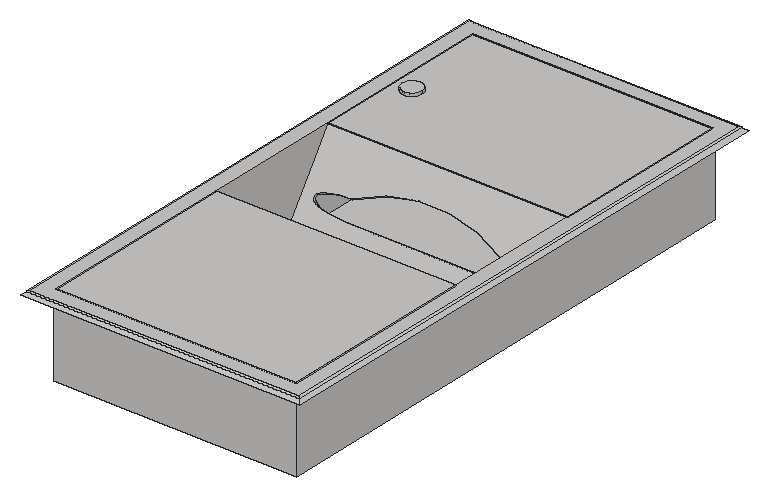
Revit family "RBA BIM - B369", category Specialty Equipment, host Face, Revit 2013
Parameters (values of type "B-369")
  URL = "www.rba.com.au"
  Type Comments = "Satin Finish"
  Product Page URL = ""
  Product Name = "Recessed Paper Towel Dispenser And Waste Receptacle"
  Model = "B-369 ClassicSeries"
  Manufacturer = "RBA Group"
  Finish Material = Stainless Steel - Bobrick - Satin
  Default Elevation = 1.2192 m
  Assembly Code = "C1030200"
  ADA Compliant = yes
Reference planes (m)
  plane 1 "Center (Front/Back)": y = 0
  plane 2: z = 0
  plane 3 "Center (Left/Right)": x = 0
  plane 4 "Top": y = 0.3556
  plane 5 "Bottom": y = -0.3556
  plane 6 "Left": x = -0.1778
  plane 7 "Right": x = 0.1778
  plane 8: x = 0.1524
  plane 9: x = -0.1524
  plane 10: y = -0.3302
  plane 11: y = 0.3302
  plane 12: y = -0.0762
  plane 13: y = 0.100012
  plane 14: x = -0.128587
  plane 15: y = 0.204787
  plane 16: z = -0.100013
  plane 17: z = -0.098425
  plane 18: z = 0.004762
  plane 19: y = 0.030162
  plane 20: z = 0.007937
  plane 21 "Elevation": y = 0.061912
Forms (m)
  Extrusion 1, void
    sketch origin (0, 0, 0) x (1, 0, 0) y (0, 1, 0)
      loop
        line (-0.1524, 0.3302) -> (-0.1524, -0.3302) -> (0.1524, -0.3302) -> (0.1524, 0.3302) -> (-0.1524, 0.3302)
    from -0.100012 to 0
  Extrusion 2, solid, material "Stainless Steel - Bobrick - Satin" <- "Finish Material"
    sketch origin (0, 0, 0) x (1, 0, 0) y (0, 1, 0)
      loop
        line (-0.1524, 0.3302) -> (-0.1524, -0.3302) -> (0.1524, -0.3302) -> (0.1524, 0.3302) -> (-0.1524, 0.3302)
    from -0.100012 to -0.098425
  Extrusion 3, solid, material "Stainless Steel - Bobrick - Satin" <- "Finish Material"
    sketch origin (0, 0, 0) x (1, 0, 0) y (0, 1, 0)
      loop
        line (-0.1524, 0.3302) -> (-0.1524, -0.3302) -> (0.1524, -0.3302) -> (0.1524, 0.3302) -> (-0.1524, 0.3302)
      loop
        line (-0.153987, 0.331787) -> (-0.153987, -0.331788) -> (0.153988, -0.331788) -> (0.153988, 0.331787) -> (-0.153987, 0.331787)
    from -0.100012 to 0
  Sweep 4, solid, material "Stainless Steel - Bobrick - Satin" <- "Finish Material"
    path origin (0, 0, 0) x (1, 0, 0) y (0, 1, 0)
      loop
        line (-0.1524, 0.3302) -> (-0.1524, -0.3302) -> (0.1524, -0.3302) -> (0.1524, 0.3302) -> (-0.1524, 0.3302)
    profile origin (0, 0.3302, 0) x (0, 1, 0) y (0, 0, 1)
      loop
        line (0, 0) -> (0.0254, 0) -> (0.021016, 0.003947)
        arc (0.021016, 0.003947) -> (0.02003, 0.004552) -> (0.018892, 0.004762) r 0.003175
        line (0.018892, 0.004762) -> (0, 0.004762) -> (0, 0)
  Extrusion 5, solid, material "Stainless Steel - Bobrick - Satin" <- "Finish Material"
    sketch origin (0, 0, 0) x (1, 0, 0) y (0, 1, 0)
      loop
        line (-0.1524, 0.3302) -> (-0.1524, 0.100012) -> (0.1524, 0.100012) -> (0.1524, 0.3302) -> (-0.1524, 0.3302)
    from 0 to 0.004762
  Extrusion 6, solid, material "Stainless Steel - Bobrick - Satin" <- "Finish Material"
    sketch origin (0, 0, 0) x (0, 1, 0) y (0, 0, 1)
      loop
        line (0.100012, 0.004762) -> (0.030162, -0.098425) -> (0.033386, -0.098425) -> (0.100012, 0) -> (0.100012, 0.004762)
    from -0.1524 to 0.1524
  Extrusion 7, solid, material "Stainless Steel - Bobrick - Satin" <- "Finish Material"
    sketch origin (0, 0, 0) x (1, 0, 0) y (0, 1, 0)
      loop
        line (-0.1524, -0.0762) -> (-0.1524, -0.3302) -> (0.1524, -0.3302) -> (0.1524, -0.0762) -> (-0.1524, -0.0762)
    from 0 to 0.004762
  Extrusion 8, solid, material "Stainless Steel - Bobrick - Satin" <- "Finish Material", detail levels fine
    sketch origin (0, 0, 0) x (1, 0, 0) y (0, 1, 0)
      loop
        circle (-0.128587, 0.204787) r 0.0127
    from 0.004762 to 0.007937
  Extrusion 9, void
    sketch origin (0, 0.100012, 0.004762) x (0, 0.560566, 0.828109) y (1, 0, 0)
      loop
        spline (-0.085212, -0.093662) -> (-0.084806, -0.104756) -> (-0.083617, -0.115094) -> (-0.081725, -0.123971) -> (-0.079259, -0.130783) -> (-0.076387, -0.135064) -> (-0.073306, -0.136525) -> (-0.070224, -0.135064) -> (-0.067353, -0.130783) -> (-0.064887, -0.123971) -> (-0.062995, -0.115094) -> (-0.061805, -0.104756) -> (-0.061399, -0.093662)
        arc (-0.061399, -0.093662) -> (-0.037587, 0) -> (-0.061399, 0.093662) r 0.196109
        spline (-0.061399, 0.093662) -> (-0.061805, 0.104756) -> (-0.062995, 0.115094) -> (-0.064887, 0.123971) -> (-0.067353, 0.130783) -> (-0.070224, 0.135064) -> (-0.073306, 0.136525) -> (-0.076387, 0.135064) -> (-0.079259, 0.130783) -> (-0.081725, 0.123971) -> (-0.083617, 0.115094) -> (-0.084806, 0.104756) -> (-0.085212, 0.093662)
        line (-0.085212, 0.093662) -> (-0.085212, -0.093662)
    from 0 to 0.00267
Cuts and joins
  Extrusion 9 cuts Extrusion 2
  Extrusion 9 cuts Extrusion 3
  Extrusion 9 cuts Sweep 4
  Extrusion 9 cuts Extrusion 6
  joined: Extrusion 2, Extrusion 3, Sweep 4, Extrusion 6
Lines and regions (m)
  Masking region 1
    outline origin (0, 0, 0.007937) x (1, 0, 0) y (0, 1, 0)
      loop
        line (-0.1778, 0.3556) -> (-0.1778, -0.3556) -> (0.1778, -0.3556) -> (0.1778, 0.3556) -> (-0.1778, 0.3556)
  Masking region 2
    outline origin (0, 0, 0) x (1, 0, 0) y (0, 0, 1)
      loop
        line (-0.173416, 0.003947) -> (-0.1778, 0) -> (0.1778, 0) -> (0.173416, 0.003947)
        arc (0.173416, 0.003947) -> (0.17243, 0.004552) -> (0.171292, 0.004762) r 0.003175
        line (0.171292, 0.004762) -> (-0.171292, 0.004762)
        arc (-0.171292, 0.004762) -> (-0.17243, 0.004552) -> (-0.173416, 0.003947) r 0.003175
  Masking region 3, detail levels fine
    outline origin (0, 0, 0) x (1, 0, 0) y (0, 0, 1)
      loop
        line (-0.141287, 0.007937) -> (-0.141287, 0.004762) -> (-0.115887, 0.004762) -> (-0.115887, 0.007937) -> (-0.141287, 0.007937)
  Masking region 4
    outline origin (0, 0, 0) x (0, 1, 0) y (0, 0, 1)
      loop
        line (0.3556, 0) -> (0.351216, 0.003947)
        arc (0.351216, 0.003947) -> (0.35023, 0.004552) -> (0.349092, 0.004762) r 0.003175
        line (0.349092, 0.004762) -> (-0.349092, 0.004762)
        arc (-0.349092, 0.004762) -> (-0.35023, 0.004552) -> (-0.351216, 0.003947) r 0.003175
        line (-0.351216, 0.003947) -> (-0.3556, 0) -> (0.3556, 0)
  Masking region 5, detail levels fine
    outline origin (0, 0, 0) x (0, 1, 0) y (0, 0, 1)
      loop
        line (0.217487, 0.007937) -> (0.192087, 0.007937) -> (0.192087, 0.004762) -> (0.217487, 0.004762) -> (0.217487, 0.007937)
  model lines, style "Restroom Accessories", detail levels fine
    curve 1: spline (-0.128587, 0.198437, 0.007937) -> (-0.128181, 0.198654, 0.007937) -> (-0.127803, 0.199288, 0.007937) -> (-0.127478, 0.200297, 0.007937) -> (-0.127228, 0.201612, 0.007937) -> (-0.127071, 0.203144, 0.007937) -> (-0.127018, 0.204787, 0.007937) -> (-0.127071, 0.206431, 0.007937) -> (-0.127228, 0.207962, 0.007937) -> (-0.127478, 0.209278, 0.007937) -> (-0.127803, 0.210287, 0.007937) -> (-0.128181, 0.210921, 0.007937) -> (-0.128587, 0.211137, 0.007937) -> (-0.128994, 0.210921, 0.007937) -> (-0.129372, 0.210287, 0.007937) -> (-0.129697, 0.209278, 0.007937) -> (-0.129947, 0.207962, 0.007937) -> (-0.130104, 0.206431, 0.007937) -> (-0.130157, 0.204787, 0.007937) -> (-0.130104, 0.203144, 0.007937) -> (-0.129947, 0.201612, 0.007937) -> (-0.129697, 0.200297, 0.007937) -> (-0.129372, 0.199288, 0.007937) -> (-0.128994, 0.198654, 0.007937) -> (-0.128587, 0.198437, 0.007937)
  symbolic lines, style "Restroom Accessories"
    curve 2: line (-0.1524, 0.3302, 0.007937) -> (0.1524, 0.3302, 0.007937)
    curve 3: line (-0.1524, -0.3302, 0.007937) -> (-0.1524, 0.3302, 0.007937)
    curve 4: line (0.1524, 0.100012, 0.007937) -> (-0.1524, 0.100012, 0.007937)
    curve 5: line (0.1524, 0.3302, 0.007937) -> (0.1524, -0.3302, 0.007937)
    curve 6: line (-0.1524, -0.3302, 0.007937) -> (0.1524, -0.3302, 0.007937)
    curve 7: line (-0.1524, -0.0762, 0.007937) -> (0.1524, -0.0762, 0.007937)
  symbolic lines, style "Restroom Accessories", detail levels medium+fine
    curve 8: line (-0.1524, 0.030162, 0.007937) -> (0.1524, 0.030162, 0.007937)
  symbolic lines, style "Restroom Accessories", detail levels fine
    curve 9: spline (-0.093662, 0.065594, 0.007937) -> (-0.079058, 0.069614, 0.007937) -> (-0.06391, 0.072941, 0.007937) -> (-0.048321, 0.075553, 0.007937) -> (-0.0324, 0.077432, 0.007937) -> (-0.016256, 0.078564, 0.007937) -> (0, 0.078943, 0.007937) -> (0.016256, 0.078564, 0.007937) -> (0.0324, 0.077432, 0.007937) -> (0.048321, 0.075553, 0.007937) -> (0.06391, 0.072941, 0.007937) -> (0.079058, 0.069614, 0.007937) -> (0.093663, 0.065594, 0.007937)
    curve 10: spline (0.093663, 0.065594, 0.007937) -> (0.104756, 0.065367, 0.007937) -> (0.115094, 0.0647, 0.007937) -> (0.123971, 0.063639, 0.007937) -> (0.130783, 0.062257, 0.007937) -> (0.135064, 0.060647, 0.007937) -> (0.136525, 0.05892, 0.007937) -> (0.135064, 0.057192, 0.007937) -> (0.130783, 0.055583, 0.007937) -> (0.123971, 0.0542, 0.007937) -> (0.115094, 0.05314, 0.007937) -> (0.104756, 0.052473, 0.007937) -> (0.093663, 0.052246, 0.007937)
    curve 11: line (0.093663, 0.052246, 0.007937) -> (-0.093662, 0.052246, 0.007937)
    curve 12: spline (-0.093662, 0.052246, 0.007937) -> (-0.104756, 0.052473, 0.007937) -> (-0.115094, 0.05314, 0.007937) -> (-0.123971, 0.0542, 0.007937) -> (-0.130783, 0.055583, 0.007937) -> (-0.135064, 0.057192, 0.007937) -> (-0.136525, 0.05892, 0.007937) -> (-0.135064, 0.060647, 0.007937) -> (-0.130783, 0.062257, 0.007937) -> (-0.123971, 0.063639, 0.007937) -> (-0.115094, 0.0647, 0.007937) -> (-0.104756, 0.065367, 0.007937) -> (-0.093662, 0.065594, 0.007937)
    curve 13: arc (-0.115887, 0.204787, 0.007937) -> (-0.128587, 0.217487, 0.007937) -> (-0.141287, 0.204787, 0.007937) r 0.0127
    curve 14: arc (-0.141287, 0.204787, 0.007937) -> (-0.128587, 0.192087, 0.007937) -> (-0.115887, 0.204787, 0.007937) r 0.0127
    curve 15: spline (-0.128587, 0.198437, 0.007937) -> (-0.128181, 0.198654, 0.007937) -> (-0.127803, 0.199288, 0.007937) -> (-0.127478, 0.200297, 0.007937) -> (-0.127228, 0.201612, 0.007937) -> (-0.127071, 0.203144, 0.007937) -> (-0.127018, 0.204787, 0.007937) -> (-0.127071, 0.206431, 0.007937) -> (-0.127228, 0.207962, 0.007937) -> (-0.127478, 0.209278, 0.007937) -> (-0.127803, 0.210287, 0.007937) -> (-0.128181, 0.210921, 0.007937) -> (-0.128587, 0.211137, 0.007937) -> (-0.128994, 0.210921, 0.007937) -> (-0.129372, 0.210287, 0.007937) -> (-0.129697, 0.209278, 0.007937) -> (-0.129947, 0.207962, 0.007937) -> (-0.130104, 0.206431, 0.007937) -> (-0.130157, 0.204787, 0.007937) -> (-0.130104, 0.203144, 0.007937) -> (-0.129947, 0.201612, 0.007937) -> (-0.129697, 0.200297, 0.007937) -> (-0.129372, 0.199288, 0.007937) -> (-0.128994, 0.198654, 0.007937) -> (-0.128587, 0.198437, 0.007937)
Dimensions and locks (m)
  equal spacing: plane 6 "Left", plane 3 "Center (Left/Right)", plane 7 "Right"
  locked: plane 6 "Left" to plane 7 "Right" at 0.3556
  equal spacing: plane 4 "Top", plane 1 "Center (Front/Back)", plane 5 "Bottom"
  locked: plane 4 "Top" to plane 5 "Bottom" at 0.7112
  locked: plane 8 to plane 7 "Right" at 0.0254
  locked: plane 6 "Left" to plane 9 at 0.0254
  plane 9 to plane 8 = 0.3048 m
  locked: plane 5 "Bottom" to plane 10 at 0.0254
  locked: plane 11 to plane 4 "Top" at 0.0254
  locked: plane 10 to plane 12 at 0.254
  locked: plane 13 to plane 11 at 0.230188
  locked: plane 6 "Left" to plane 14 at 0.049212
  locked: plane 4 "Top" to plane 15 at 0.150812
  locked: host face to plane 16 at 0.100013
  locked: plane 17 to plane 16 at 0.001588
  locked: plane 18 to plane 2 at 0.004762
  locked: plane 19 to plane 13 at 0.06985
  locked: plane 20 to plane 18 at 0.003175
  locked: plane 19 to plane 21 "Elevation" at 0.03175
  aligned and locked: host face to plane 2
  aligned and locked: level to host face
  aligned and locked: Extrusion 1 to plane 16
  aligned and locked: plane 2 to Extrusion 1
  aligned and locked: Extrusion 1 sketch curve to plane 9
  aligned and locked: plane 11 to Extrusion 1 sketch curve
  aligned and locked: plane 8 to Extrusion 1 sketch curve
  aligned and locked: Extrusion 1 sketch curve to plane 10
  aligned and locked: plane 11 to Extrusion 2 sketch curve
  aligned and locked: Extrusion 2 sketch curve to plane 9
  aligned and locked: Extrusion 2 sketch curve to plane 10
  aligned and locked: plane 8 to Extrusion 2 sketch curve
  aligned and locked: Extrusion 2 to plane 16
  aligned and locked: plane 17 to Extrusion 2
  aligned and locked: Extrusion 3 sketch curve to Extrusion 2  (x4)
  aligned and locked: Extrusion 3 to plane 16
  aligned and locked: plane 2 to Extrusion 3
  aligned and locked: Sweep 4 sketch curve to cut or joined group of Extrusion 2, Extrusion 3, Sweep 4, Extrusion 6, Extrusion 9  (x4)
  aligned and locked: Extrusion 5 sketch curve to cut or joined group of Extrusion 2, Extrusion 3, Sweep 4, Extrusion 6, Extrusion 9
  aligned and locked: cut or joined group of Extrusion 2, Extrusion 3, Sweep 4, Extrusion 6, Extrusion 9 to Extrusion 5 sketch curve
  aligned and locked: Extrusion 5 sketch curve to plane 13
  aligned and locked: plane 8 to Extrusion 5 sketch curve
  aligned and locked: plane 18 to Extrusion 5
  aligned and locked: Extrusion 5 to plane 2
  aligned and locked: plane 17 to Extrusion 6 sketch curve
  aligned and locked: Extrusion 6 sketch curve to plane 13
  aligned and locked: plane 18 to Extrusion 6 sketch curve
  aligned and locked: plane 19 to Extrusion 6 sketch curve
  aligned and locked: Extrusion 6 to plane 8
  aligned and locked: Extrusion 3 to Extrusion 2
  aligned and locked: Extrusion 3 to Sweep 4
  aligned and locked: plane 12 to Extrusion 7 sketch curve
  aligned and locked: Extrusion 7 sketch curve to plane 9
  aligned and locked: Extrusion 7 sketch curve to cut or joined group of Extrusion 2, Extrusion 3, Sweep 4, Extrusion 6, Extrusion 9
  aligned and locked: cut or joined group of Extrusion 2, Extrusion 3, Sweep 4, Extrusion 6, Extrusion 9 to Extrusion 7 sketch curve
  aligned and locked: Extrusion 7 to plane 2
  aligned and locked: plane 18 to Extrusion 7
  aligned and locked: Extrusion 8 to plane 18
  aligned and locked: plane 20 to Extrusion 8
  aligned and locked: Masking region 1 sketch curve to cut or joined group of Extrusion 2, Extrusion 3, Sweep 4, Extrusion 6, Extrusion 9  (x4)
  aligned and locked: curve 2 to cut or joined group of Extrusion 2, Extrusion 3, Sweep 4, Extrusion 6, Extrusion 9
  aligned and locked: cut or joined group of Extrusion 2, Extrusion 3, Sweep 4, Extrusion 6, Extrusion 9 to curve 3
  aligned and locked: curve 4 to cut or joined group of Extrusion 2, Extrusion 3, Sweep 4, Extrusion 6, Extrusion 9
  aligned and locked: curve 5 to cut or joined group of Extrusion 2, Extrusion 3, Sweep 4, Extrusion 6, Extrusion 9
  aligned and locked: curve 6 to cut or joined group of Extrusion 2, Extrusion 3, Sweep 4, Extrusion 6, Extrusion 9
  aligned and locked: curve 7 to Extrusion 7
  aligned and locked: curve 8 to cut or joined group of Extrusion 2, Extrusion 3, Sweep 4, Extrusion 6, Extrusion 9
  aligned and locked: curve 13 to Extrusion 8
  aligned and locked: curve 14 to Extrusion 8
  aligned and locked: cut or joined group of Extrusion 2, Extrusion 3, Sweep 4, Extrusion 6, Extrusion 9 to Masking region 2 sketch curve
  aligned and locked: Masking region 2 sketch curve to cut or joined group of Extrusion 2, Extrusion 3, Sweep 4, Extrusion 6, Extrusion 9  (x2)
  aligned and locked: plane 18 to Masking region 2 sketch curve
  aligned and locked: Masking region 3 sketch curve to Extrusion 8  (x4)
  aligned and locked: Masking region 4 sketch curve to cut or joined group of Extrusion 2, Extrusion 3, Sweep 4, Extrusion 6, Extrusion 9  (x2)
  aligned and locked: Masking region 4 sketch curve to plane 18
  aligned and locked: cut or joined group of Extrusion 2, Extrusion 3, Sweep 4, Extrusion 6, Extrusion 9 to Masking region 4 sketch curve
  aligned and locked: Masking region 5 sketch curve to Extrusion 8  (x2)
Automatic sketch dimensions
  host sketch curve to host sketch curve = 2.4384 m  (x2)
  Sweep 4 sketch curve to profile plane = 0.000 m
  Sweep 4 sketch curve to level = 0.000 m
  level to Sweep 4 sketch curve = 0.001587 m
  Sweep 4 sketch curve to profile plane = 0.018892 m
  Sweep 4 sketch curve to Sweep 4 sketch curve = 0.002124 m
  Sweep 4 sketch curve to Sweep 4 sketch curve = 0.004384 m
  level to Sweep 4 sketch curve = 0.003947 m
  Extrusion 6 sketch curve to plane 19 = 0.003224 m
  Extrusion 6 sketch curve to level = 0.000 m
  plane 9 to Extrusion 3 sketch curve = 0.001588 m
  Extrusion 3 sketch curve to plane 8 = 0.001587 m
  plane 10 to Extrusion 3 sketch curve = 0.001588 m
  Extrusion 3 sketch curve to plane 11 = 0.001588 m
  Extrusion 8 sketch curve to plane 14 = 0.000 m
  Extrusion 8 sketch curve to plane 15 = 0.000 m
  Extrusion 9 sketch curve to Extrusion 6 = 0.058738 m
  Extrusion 6 to Extrusion 9 sketch curve = 0.10909 m
  Extrusion 9 sketch curve to Extrusion 6 = 0.039394 m
  Extrusion 9 sketch curve to Extrusion 9 sketch curve = 0.011906 m  (x2)
  Extrusion 9 sketch curve to Extrusion 6 = 0.1016 m
  Extrusion 9 sketch curve to Extrusion 9 sketch curve = 0.1016 m
  Extrusion 9 sketch curve to Extrusion 9 sketch curve = 0.042862 m
  curve 15 to curve 13 = 0.000 m  (x2)
  curve 1 to curve 15 = 0.000 m
  curve 4 to curve 9 = 0.058737 m
  curve 12 to curve 12 = 0.042863 m
  curve 12 to curve 9 = 0.0508 m
  curve 12 to curve 10 = 0.1016 m
  curve 10 to curve 9 = 0.042863 m
  curve 7 to curve 9 = 0.043709 m
  curve 7 to curve 9 = 0.04521 m
  curve 8 to curve 11 = 0.022083 m
  curve 11 to curve 12 = 0.006674 m
  curve 1 to curve 13 = 0.00635 m
  curve 15 to curve 1 = 0.000 m
  curve 1 to curve 13 = 0.000 m
  Masking region 2 sketch curve to plane 18 = 0.000816 m  (x2)
  Masking region 2 sketch curve to Masking region 2 sketch curve = 0.002124 m
  level to Masking region 2 sketch curve = 0.001587 m
  level to Masking region 4 sketch curve = 0.003947 m
  Masking region 4 sketch curve to Masking region 4 sketch curve = 0.002124 m
  Masking region 4 sketch curve to plane 4 "Top" = 0.006508 m
  Masking region 4 sketch curve to plane 18 = 0.000816 m
  Masking region 5 sketch curve to plane 15 = 0.0127 m
  plane 15 to Masking region 5 sketch curve = 0.0127 m
  radius of Extrusion 8 sketch curve = 0.0127 m
